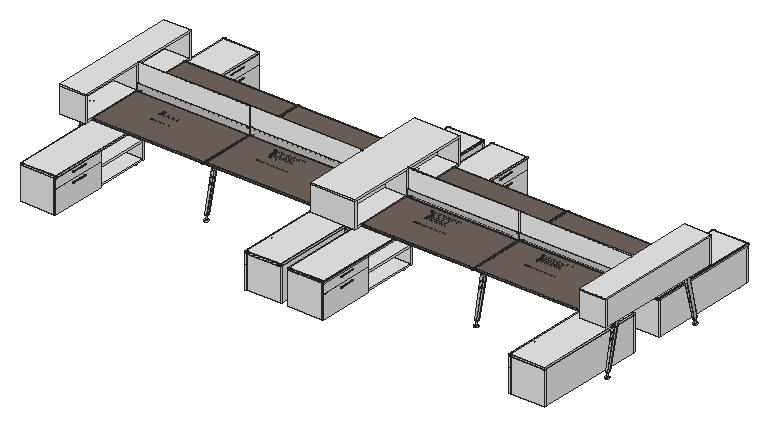
Revit family "T200005", category Furniture, Revit 2015 (continued)
Definition of nested family "OFS_ELEVEN-WORKSPACE_BASES_BENCHING_8-PERSON"
  Automatic sketch dimensions
    Extrusion 87 sketch curve to Extrusion 87 sketch curve = 0.00061"
    Extrusion 87 sketch curve to Extrusion 87 sketch curve = 0.11241"  (x2)
    Extrusion 87 sketch curve to Extrusion 87 sketch curve = 0.23622"
    Extrusion 88 sketch curve to plane 18 = 0"
    Extrusion 88 sketch curve to plane 6 "BASE HEIGHT" = 0"
    Extrusion 88 sketch curve to plane 19 = 0"
    plane 18 to Extrusion 88 sketch curve = 0.06818"  (x2)
    Extrusion 88 sketch curve to Extrusion 88 sketch curve = 0.07831"
    Extrusion 88 sketch curve to Extrusion 88 sketch curve = 0.08215"
    Extrusion 88 sketch curve to Extrusion 88 sketch curve = 0.06491"  (x2)
    Extrusion 88 sketch curve to Extrusion 88 sketch curve = 0.07203"  (x2)
    Extrusion 88 sketch curve to Extrusion 88 sketch curve = 0.10542"  (x2)
    Extrusion 88 sketch curve to Extrusion 88 sketch curve = 0.10901"  (x2)
    Extrusion 88 sketch curve to Extrusion 88 sketch curve = 0.19602"
    Extrusion 88 sketch curve to Extrusion 88 sketch curve = 0.19218"
    Extrusion 88 sketch curve to plane 19 = 0.34288"  (x2)
    Extrusion 88 sketch curve to Extrusion 88 sketch curve = 0.32462"
    Extrusion 88 sketch curve to plane 19 = 0.32432"
    Extrusion 88 sketch curve to plane 19 = 0.06856"  (x2)
    Extrusion 88 sketch curve to plane 6 "BASE HEIGHT" = 0.23622"  (x2)
    Extrusion 88 sketch curve to Extrusion 88 sketch curve = 0.11809"
    Extrusion 88 sketch curve to Extrusion 88 sketch curve = 0.11811"  (x2)
    Extrusion 88 sketch curve to Extrusion 88 sketch curve = 0.11874"
    Extrusion 88 sketch curve to Extrusion 88 sketch curve = 1.25499"
    Extrusion 88 sketch curve to Extrusion 88 sketch curve = 0"  (x2)
    Extrusion 88 sketch curve to Extrusion 88 sketch curve = 0.00061"
    Extrusion 88 sketch curve to Extrusion 88 sketch curve = 0.1118"
    Extrusion 88 sketch curve to Extrusion 88 sketch curve = 0.11241"
    Extrusion 88 sketch curve to Extrusion 88 sketch curve = 0.23622"
    plane 19 to Masking region 40 sketch curve = 0"
    Masking region 40 sketch curve to plane 23 = 0"
    plane 18 to Masking region 40 sketch curve = 0"
    Masking region 40 sketch curve to plane 34 = 0"
    Masking region 41 sketch curve to plane 22 = 0"
    Masking region 41 sketch curve to plane 21 = 0"
    Masking region 41 sketch curve to plane 23 = 0"
    Masking region 41 sketch curve to plane 34 = 0"
    Extrusion 89 sketch curve to plane 6 "BASE HEIGHT" = 0"  (x2)
    plane 34 to Extrusion 89 sketch curve = 0"
    Extrusion 89 sketch curve to plane 33 = 0"
    Extrusion 89 sketch curve to plane 34 = 0.12991"  (x2)
    Extrusion 89 sketch curve to plane 34 = 0.1482"  (x2)
    Extrusion 89 sketch curve to Extrusion 89 sketch curve = 0.10572"  (x2)
    Extrusion 89 sketch curve to Extrusion 89 sketch curve = 0.10902"  (x2)
    Extrusion 89 sketch curve to Extrusion 89 sketch curve = 0.06821"  (x5)
    Extrusion 89 sketch curve to Extrusion 89 sketch curve = 0.06491"  (x2)
    Extrusion 89 sketch curve to Extrusion 89 sketch curve = 0.08212"  (x4)
    Extrusion 89 sketch curve to plane 33 = 0.47246"
    Extrusion 89 sketch curve to Extrusion 89 sketch curve = 0.12991"  (x2)
    Extrusion 89 sketch curve to plane 6 "BASE HEIGHT" = 0.23622"  (x2)
    Extrusion 89 sketch curve to Extrusion 89 sketch curve = 0.11241"  (x4)
    Extrusion 89 sketch curve to Extrusion 89 sketch curve = 1.25499"
    Extrusion 89 sketch curve to Extrusion 89 sketch curve = 0"
    Extrusion 89 sketch curve to Extrusion 89 sketch curve = 0.0057"  (x2)
    Extrusion 89 sketch curve to Extrusion 89 sketch curve = 0.11811"  (x2)
    Extrusion 89 sketch curve to Extrusion 89 sketch curve = 0.23622"
    Extrusion 89 sketch curve to Extrusion 89 sketch curve = 0.34863"
    Extrusion 90 sketch curve to plane 6 "BASE HEIGHT" = 0"  (x2)
    plane 38 to Extrusion 90 sketch curve = 0.98586"
    Extrusion 90 sketch curve to Extrusion 90 sketch curve = 0.12991"  (x3)
    Extrusion 90 sketch curve to Extrusion 90 sketch curve = 0.01829"  (x2)
    Extrusion 90 sketch curve to plane 6 "BASE HEIGHT" = 0.34863"  (x2)
    Extrusion 90 sketch curve to Extrusion 90 sketch curve = 0.10572"  (x2)
    Extrusion 90 sketch curve to Extrusion 90 sketch curve = 0.10902"  (x2)
    Extrusion 90 sketch curve to Extrusion 90 sketch curve = 0.06821"  (x5)
    Extrusion 90 sketch curve to Extrusion 90 sketch curve = 0.06491"  (x2)
    Extrusion 90 sketch curve to Extrusion 90 sketch curve = 0.08212"  (x4)
    Extrusion 90 sketch curve to plane 38 = 0.5134"
    Extrusion 90 sketch curve to plane 6 "BASE HEIGHT" = 0.23622"
    Extrusion 90 sketch curve to Extrusion 90 sketch curve = 0.19221"  (x2)
    Extrusion 90 sketch curve to Extrusion 90 sketch curve = 0.11241"  (x2)
    Extrusion 90 sketch curve to Extrusion 90 sketch curve = 1.25499"
    Extrusion 90 sketch curve to Extrusion 90 sketch curve = 0"  (x2)
    Extrusion 90 sketch curve to Extrusion 90 sketch curve = 0.0057"  (x2)
    Extrusion 90 sketch curve to Extrusion 90 sketch curve = 0.11811"  (x2)
    Extrusion 90 sketch curve to Extrusion 90 sketch curve = 0.23622"
    Extrusion 90 sketch curve to Extrusion 90 sketch curve = 0.34863"
    Extrusion 91 sketch curve to plane 6 "BASE HEIGHT" = 0"
    Extrusion 91 sketch curve to plane 38 = 0.85595"  (x2)
    Extrusion 91 sketch curve to Extrusion 91 sketch curve = 0.01829"  (x2)
    Extrusion 91 sketch curve to Extrusion 91 sketch curve = 0.10572"  (x2)
    Extrusion 91 sketch curve to Extrusion 91 sketch curve = 0.10902"  (x2)
    Extrusion 91 sketch curve to Extrusion 91 sketch curve = 0.06491"  (x2)
    Extrusion 91 sketch curve to Extrusion 91 sketch curve = 0.06821"  (x5)
    Extrusion 91 sketch curve to Extrusion 91 sketch curve = 0.08212"  (x4)
    plane 38 to Extrusion 91 sketch curve = 0.5134"
    plane 6 "BASE HEIGHT" to Extrusion 91 sketch curve = 0.23622"
    Extrusion 91 sketch curve to Extrusion 91 sketch curve = 0.19221"  (x2)
    Extrusion 91 sketch curve to Extrusion 91 sketch curve = 0.11241"  (x5)
    plane 6 "BASE HEIGHT" to Extrusion 91 sketch curve = 0.34863"
    Extrusion 91 sketch curve to Extrusion 91 sketch curve = 0"  (x2)
    Extrusion 91 sketch curve to Extrusion 91 sketch curve = 1.25499"
    Extrusion 91 sketch curve to Extrusion 91 sketch curve = 0.0057"  (x2)
    Extrusion 91 sketch curve to Extrusion 91 sketch curve = 0.23622"
    Extrusion 92 sketch curve to plane 6 "BASE HEIGHT" = 0"
    Extrusion 92 sketch curve to plane 22 = 0"  (x2)
    Extrusion 92 sketch curve to plane 22 = 0.06856"  (x2)
    Extrusion 92 sketch curve to Extrusion 92 sketch curve = 0.07831"  (x2)
    Extrusion 92 sketch curve to Extrusion 92 sketch curve = 0.07203"  (x2)
    Extrusion 92 sketch curve to Extrusion 92 sketch curve = 0.10542"  (x2)
    Extrusion 92 sketch curve to Extrusion 92 sketch curve = 0.19602"  (x2)
    plane 22 to Extrusion 92 sketch curve = 0.2436"
    Extrusion 92 sketch curve to Extrusion 92 sketch curve = 0.2436"
    Extrusion 92 sketch curve to plane 6 "BASE HEIGHT" = 0.23622"
    Extrusion 92 sketch curve to Extrusion 92 sketch curve = 0.11811"
    Extrusion 92 sketch curve to Extrusion 92 sketch curve = 0.11874"  (x2)
    Extrusion 92 sketch curve to Extrusion 92 sketch curve = 1.24804"
    Extrusion 92 sketch curve to Extrusion 92 sketch curve = 0.00063"
    Extrusion 92 sketch curve to Extrusion 92 sketch curve = 0.23622"
    Extrusion 93 sketch curve to plane 6 "BASE HEIGHT" = 0"
    Extrusion 93 sketch curve to plane 19 = 0"  (x2)
    Extrusion 93 sketch curve to plane 19 = 0.06856"  (x2)
    Extrusion 93 sketch curve to Extrusion 93 sketch curve = 0.07831"  (x2)
    Extrusion 93 sketch curve to Extrusion 93 sketch curve = 0.07203"  (x2)
    Extrusion 93 sketch curve to Extrusion 93 sketch curve = 0.10542"  (x2)
    Extrusion 93 sketch curve to Extrusion 93 sketch curve = 0.19602"  (x2)
    plane 19 to Extrusion 93 sketch curve = 0.2436"
    Extrusion 93 sketch curve to Extrusion 93 sketch curve = 0.2436"
    Extrusion 93 sketch curve to plane 6 "BASE HEIGHT" = 0.23622"
    Extrusion 93 sketch curve to Extrusion 93 sketch curve = 0.11811"
    Extrusion 93 sketch curve to Extrusion 93 sketch curve = 0.11874"  (x2)
    Extrusion 93 sketch curve to Extrusion 93 sketch curve = 1.24804"
    Extrusion 93 sketch curve to Extrusion 93 sketch curve = 0.00063"
    Extrusion 93 sketch curve to Extrusion 93 sketch curve = 0.23622"
    Extrusion 94 sketch curve to plane 6 "BASE HEIGHT" = 0"
    plane 38 to Extrusion 94 sketch curve = 0.85595"  (x2)
    Extrusion 94 sketch curve to Extrusion 94 sketch curve = 0.01829"  (x2)
    Extrusion 94 sketch curve to Extrusion 94 sketch curve = 0.10572"  (x2)
    Extrusion 94 sketch curve to Extrusion 94 sketch curve = 0.10902"  (x2)
    Extrusion 94 sketch curve to Extrusion 94 sketch curve = 0.06491"  (x2)
    Extrusion 94 sketch curve to Extrusion 94 sketch curve = 0.06821"  (x5)
    Extrusion 94 sketch curve to Extrusion 94 sketch curve = 0.08212"  (x4)
    Extrusion 94 sketch curve to plane 38 = 0.5134"
    Extrusion 94 sketch curve to plane 6 "BASE HEIGHT" = 0.23622"
    Extrusion 94 sketch curve to Extrusion 94 sketch curve = 0.19221"  (x2)
    Extrusion 94 sketch curve to Extrusion 94 sketch curve = 0.11241"  (x5)
    Extrusion 94 sketch curve to plane 6 "BASE HEIGHT" = 0.34863"
    Extrusion 94 sketch curve to Extrusion 94 sketch curve = 0"  (x2)
    Extrusion 94 sketch curve to Extrusion 94 sketch curve = 1.25499"
    Extrusion 94 sketch curve to Extrusion 94 sketch curve = 0.0057"  (x2)
    Extrusion 94 sketch curve to Extrusion 94 sketch curve = 0.23622"
    Extrusion 95 sketch curve to plane 6 "BASE HEIGHT" = 0"
    Extrusion 95 sketch curve to plane 38 = 0.85595"  (x2)
    Extrusion 95 sketch curve to Extrusion 95 sketch curve = 0.01829"  (x2)
    Extrusion 95 sketch curve to Extrusion 95 sketch curve = 0.10572"  (x2)
    Extrusion 95 sketch curve to Extrusion 95 sketch curve = 0.10902"  (x2)
    Extrusion 95 sketch curve to Extrusion 95 sketch curve = 0.06491"  (x2)
    Extrusion 95 sketch curve to Extrusion 95 sketch curve = 0.06821"  (x5)
    Extrusion 95 sketch curve to Extrusion 95 sketch curve = 0.08212"  (x4)
    plane 38 to Extrusion 95 sketch curve = 0.5134"
    Extrusion 95 sketch curve to plane 6 "BASE HEIGHT" = 0.23622"  (x2)
    Extrusion 95 sketch curve to Extrusion 95 sketch curve = 0.19221"  (x2)
    Extrusion 95 sketch curve to Extrusion 95 sketch curve = 0.11241"  (x5)
    Extrusion 95 sketch curve to Extrusion 95 sketch curve = 1.25499"
    Extrusion 95 sketch curve to Extrusion 95 sketch curve = 0"
    Extrusion 95 sketch curve to Extrusion 95 sketch curve = 0.0057"  (x2)
    Extrusion 95 sketch curve to Extrusion 95 sketch curve = 0.11811"
    Extrusion 95 sketch curve to Extrusion 95 sketch curve = 0.23622"
    plane 1 "Center Front/Back" to Extrusion 96 sketch curve = 0.59"
    plane 1 "Center Front/Back" to Extrusion 96 sketch curve = 0.31"
    Extrusion 96 sketch curve to Extrusion 96 sketch curve = 0.28"  (x2)
    Extrusion 96 sketch curve to plane 1 "Center Front/Back" = 0.31"  (x2)
    Extrusion 96 sketch curve to plane 38 = 0.825"
    plane 38 to Extrusion 96 sketch curve = 0.545"
    plane 1 "Center Front/Back" to Extrusion 97 sketch curve = 0.345"
    plane 1 "Center Front/Back" to Extrusion 97 sketch curve = 0.065"  (x2)
    Extrusion 97 sketch curve to plane 1 "Center Front/Back" = 0.065"  (x2)
    Extrusion 97 sketch curve to Extrusion 97 sketch curve = 0.28"
    Extrusion 97 sketch curve to plane 38 = 1.18"
    plane 38 to Extrusion 97 sketch curve = 0.90339"
    plane 19 to Masking region 42 sketch curve = 0"
    Masking region 42 sketch curve to plane 22 = 0"
    plane 38 to Masking region 42 sketch curve = 0.98586"
    Masking region 42 sketch curve to plane 38 = 0.98586"
    Extrusion 98 sketch curve to plane 6 "BASE HEIGHT" = 0"  (x2)
    plane 40 to Extrusion 98 sketch curve = 0.98586"
    Extrusion 98 sketch curve to Extrusion 98 sketch curve = 0.12991"  (x3)
    Extrusion 98 sketch curve to Extrusion 98 sketch curve = 0.01829"  (x2)
    Extrusion 98 sketch curve to plane 6 "BASE HEIGHT" = 0.34863"  (x2)
    Extrusion 98 sketch curve to Extrusion 98 sketch curve = 0.10572"  (x2)
    Extrusion 98 sketch curve to Extrusion 98 sketch curve = 0.10902"  (x2)
    Extrusion 98 sketch curve to Extrusion 98 sketch curve = 0.06821"  (x5)
    Extrusion 98 sketch curve to Extrusion 98 sketch curve = 0.06491"  (x2)
    Extrusion 98 sketch curve to Extrusion 98 sketch curve = 0.08212"  (x4)
    Extrusion 98 sketch curve to plane 40 = 0.5134"
    Extrusion 98 sketch curve to plane 6 "BASE HEIGHT" = 0.23622"
    Extrusion 98 sketch curve to Extrusion 98 sketch curve = 0.19221"  (x2)
    Extrusion 98 sketch curve to Extrusion 98 sketch curve = 0.11241"  (x2)
    Extrusion 98 sketch curve to Extrusion 98 sketch curve = 1.25499"
    Extrusion 98 sketch curve to Extrusion 98 sketch curve = 0"  (x2)
    Extrusion 98 sketch curve to Extrusion 98 sketch curve = 0.0057"  (x2)
    Extrusion 98 sketch curve to Extrusion 98 sketch curve = 0.11811"  (x2)
    Extrusion 98 sketch curve to Extrusion 98 sketch curve = 0.23622"
    Extrusion 98 sketch curve to Extrusion 98 sketch curve = 0.34863"
    Extrusion 99 sketch curve to plane 6 "BASE HEIGHT" = 0"
    Extrusion 99 sketch curve to plane 40 = 0.85595"  (x2)
    Extrusion 99 sketch curve to Extrusion 99 sketch curve = 0.01829"  (x2)
    Extrusion 99 sketch curve to Extrusion 99 sketch curve = 0.10572"  (x2)
    Extrusion 99 sketch curve to Extrusion 99 sketch curve = 0.10902"  (x2)
    Extrusion 99 sketch curve to Extrusion 99 sketch curve = 0.06491"  (x2)
    Extrusion 99 sketch curve to Extrusion 99 sketch curve = 0.06821"  (x5)
    Extrusion 99 sketch curve to Extrusion 99 sketch curve = 0.08212"  (x4)
    plane 40 to Extrusion 99 sketch curve = 0.5134"
    plane 6 "BASE HEIGHT" to Extrusion 99 sketch curve = 0.23622"
    Extrusion 99 sketch curve to Extrusion 99 sketch curve = 0.19221"  (x2)
    Extrusion 99 sketch curve to Extrusion 99 sketch curve = 0.11241"  (x5)
    plane 6 "BASE HEIGHT" to Extrusion 99 sketch curve = 0.34863"
    Extrusion 99 sketch curve to Extrusion 99 sketch curve = 0"  (x2)
    Extrusion 99 sketch curve to Extrusion 99 sketch curve = 1.25499"
    Extrusion 99 sketch curve to Extrusion 99 sketch curve = 0.0057"  (x2)
    Extrusion 99 sketch curve to Extrusion 99 sketch curve = 0.23622"
    Extrusion 100 sketch curve to plane 6 "BASE HEIGHT" = 0"
    Extrusion 100 sketch curve to plane 22 = 0"  (x2)
    Extrusion 100 sketch curve to plane 22 = 0.06856"  (x2)
    Extrusion 100 sketch curve to Extrusion 100 sketch curve = 0.07831"  (x2)
    Extrusion 100 sketch curve to Extrusion 100 sketch curve = 0.07203"  (x2)
    Extrusion 100 sketch curve to Extrusion 100 sketch curve = 0.10542"  (x2)
    Extrusion 100 sketch curve to Extrusion 100 sketch curve = 0.19602"  (x2)
    plane 22 to Extrusion 100 sketch curve = 0.2436"
    Extrusion 100 sketch curve to Extrusion 100 sketch curve = 0.2436"
    Extrusion 100 sketch curve to plane 6 "BASE HEIGHT" = 0.23622"
    Extrusion 100 sketch curve to Extrusion 100 sketch curve = 0.11811"
    Extrusion 100 sketch curve to Extrusion 100 sketch curve = 0.11874"  (x2)
    Extrusion 100 sketch curve to Extrusion 100 sketch curve = 1.24804"
    Extrusion 100 sketch curve to Extrusion 100 sketch curve = 0.00063"
    Extrusion 100 sketch curve to Extrusion 100 sketch curve = 0.23622"
    Extrusion 101 sketch curve to plane 6 "BASE HEIGHT" = 0"
    Extrusion 101 sketch curve to plane 19 = 0"  (x2)
    Extrusion 101 sketch curve to plane 19 = 0.06856"  (x2)
    Extrusion 101 sketch curve to Extrusion 101 sketch curve = 0.07831"  (x2)
    Extrusion 101 sketch curve to Extrusion 101 sketch curve = 0.07203"  (x2)
    Extrusion 101 sketch curve to Extrusion 101 sketch curve = 0.10542"  (x2)
    Extrusion 101 sketch curve to Extrusion 101 sketch curve = 0.19602"  (x2)
    plane 19 to Extrusion 101 sketch curve = 0.2436"
    Extrusion 101 sketch curve to Extrusion 101 sketch curve = 0.2436"
    Extrusion 101 sketch curve to plane 6 "BASE HEIGHT" = 0.23622"
    Extrusion 101 sketch curve to Extrusion 101 sketch curve = 0.11811"
    Extrusion 101 sketch curve to Extrusion 101 sketch curve = 0.11874"  (x2)
    Extrusion 101 sketch curve to Extrusion 101 sketch curve = 1.24804"
    Extrusion 101 sketch curve to Extrusion 101 sketch curve = 0.00063"
    Extrusion 101 sketch curve to Extrusion 101 sketch curve = 0.23622"
    Extrusion 102 sketch curve to plane 6 "BASE HEIGHT" = 0"
    plane 40 to Extrusion 102 sketch curve = 0.85595"  (x2)
    Extrusion 102 sketch curve to Extrusion 102 sketch curve = 0.01829"  (x2)
    Extrusion 102 sketch curve to Extrusion 102 sketch curve = 0.10572"  (x2)
    Extrusion 102 sketch curve to Extrusion 102 sketch curve = 0.10902"  (x2)
    Extrusion 102 sketch curve to Extrusion 102 sketch curve = 0.06491"  (x2)
    Extrusion 102 sketch curve to Extrusion 102 sketch curve = 0.06821"  (x5)
    Extrusion 102 sketch curve to Extrusion 102 sketch curve = 0.08212"  (x4)
    Extrusion 102 sketch curve to plane 40 = 0.5134"
    Extrusion 102 sketch curve to plane 6 "BASE HEIGHT" = 0.23622"
    Extrusion 102 sketch curve to Extrusion 102 sketch curve = 0.19221"  (x2)
    Extrusion 102 sketch curve to Extrusion 102 sketch curve = 0.11241"  (x5)
    Extrusion 102 sketch curve to plane 6 "BASE HEIGHT" = 0.34863"
    Extrusion 102 sketch curve to Extrusion 102 sketch curve = 0"  (x2)
    Extrusion 102 sketch curve to Extrusion 102 sketch curve = 1.25499"
    Extrusion 102 sketch curve to Extrusion 102 sketch curve = 0.0057"  (x2)
    Extrusion 102 sketch curve to Extrusion 102 sketch curve = 0.23622"
    Extrusion 103 sketch curve to plane 6 "BASE HEIGHT" = 0"
    Extrusion 103 sketch curve to plane 40 = 0.85595"  (x2)
    Extrusion 103 sketch curve to Extrusion 103 sketch curve = 0.01829"  (x2)
    Extrusion 103 sketch curve to Extrusion 103 sketch curve = 0.10572"  (x2)
    Extrusion 103 sketch curve to Extrusion 103 sketch curve = 0.10902"  (x2)
    Extrusion 103 sketch curve to Extrusion 103 sketch curve = 0.06491"  (x2)
    Extrusion 103 sketch curve to Extrusion 103 sketch curve = 0.06821"  (x5)
    Extrusion 103 sketch curve to Extrusion 103 sketch curve = 0.08212"  (x4)
    plane 40 to Extrusion 103 sketch curve = 0.5134"
    Extrusion 103 sketch curve to plane 6 "BASE HEIGHT" = 0.23622"  (x2)
    Extrusion 103 sketch curve to Extrusion 103 sketch curve = 0.19221"  (x2)
    Extrusion 103 sketch curve to Extrusion 103 sketch curve = 0.11241"  (x5)
    Extrusion 103 sketch curve to Extrusion 103 sketch curve = 1.25499"
    Extrusion 103 sketch curve to Extrusion 103 sketch curve = 0"
    Extrusion 103 sketch curve to Extrusion 103 sketch curve = 0.0057"  (x2)
    Extrusion 103 sketch curve to Extrusion 103 sketch curve = 0.11811"
    Extrusion 103 sketch curve to Extrusion 103 sketch curve = 0.23622"
    plane 1 "Center Front/Back" to Extrusion 104 sketch curve = 0.59"
    plane 1 "Center Front/Back" to Extrusion 104 sketch curve = 0.31"
    Extrusion 104 sketch curve to Extrusion 104 sketch curve = 0.28"  (x2)
    Extrusion 104 sketch curve to plane 1 "Center Front/Back" = 0.31"  (x2)
    Extrusion 104 sketch curve to plane 40 = 0.825"
    plane 40 to Extrusion 104 sketch curve = 0.545"
    plane 1 "Center Front/Back" to Extrusion 105 sketch curve = 0.345"
    plane 1 "Center Front/Back" to Extrusion 105 sketch curve = 0.065"  (x2)
    Extrusion 105 sketch curve to plane 1 "Center Front/Back" = 0.065"  (x2)
    Extrusion 105 sketch curve to Extrusion 105 sketch curve = 0.28"
    Extrusion 105 sketch curve to plane 40 = 1.18"
    plane 40 to Extrusion 105 sketch curve = 0.90339"
    plane 19 to Masking region 43 sketch curve = 0"
    Masking region 43 sketch curve to plane 22 = 0"
    plane 40 to Masking region 43 sketch curve = 0.98586"
    Masking region 43 sketch curve to plane 40 = 0.98586"
    Extrusion 106 sketch curve to plane 6 "BASE HEIGHT" = 0"  (x2)
    plane 39 to Extrusion 106 sketch curve = 0.98586"
    Extrusion 106 sketch curve to Extrusion 106 sketch curve = 0.12991"  (x3)
    Extrusion 106 sketch curve to Extrusion 106 sketch curve = 0.01829"  (x2)
    Extrusion 106 sketch curve to plane 6 "BASE HEIGHT" = 0.34863"  (x2)
    Extrusion 106 sketch curve to Extrusion 106 sketch curve = 0.10572"  (x2)
    Extrusion 106 sketch curve to Extrusion 106 sketch curve = 0.10902"  (x2)
    Extrusion 106 sketch curve to Extrusion 106 sketch curve = 0.06821"  (x5)
    Extrusion 106 sketch curve to Extrusion 106 sketch curve = 0.06491"  (x2)
    Extrusion 106 sketch curve to Extrusion 106 sketch curve = 0.08212"  (x4)
    Extrusion 106 sketch curve to plane 39 = 0.5134"
    Extrusion 106 sketch curve to plane 6 "BASE HEIGHT" = 0.23622"
    Extrusion 106 sketch curve to Extrusion 106 sketch curve = 0.19221"  (x2)
    Extrusion 106 sketch curve to Extrusion 106 sketch curve = 0.11241"  (x2)
    Extrusion 106 sketch curve to Extrusion 106 sketch curve = 1.25499"
    Extrusion 106 sketch curve to Extrusion 106 sketch curve = 0"  (x2)
    Extrusion 106 sketch curve to Extrusion 106 sketch curve = 0.0057"  (x2)
    Extrusion 106 sketch curve to Extrusion 106 sketch curve = 0.11811"  (x2)
    Extrusion 106 sketch curve to Extrusion 106 sketch curve = 0.23622"
    Extrusion 106 sketch curve to Extrusion 106 sketch curve = 0.34863"
    Extrusion 107 sketch curve to plane 6 "BASE HEIGHT" = 0"
    Extrusion 107 sketch curve to plane 39 = 0.85595"  (x2)
    Extrusion 107 sketch curve to Extrusion 107 sketch curve = 0.01829"  (x2)
    Extrusion 107 sketch curve to Extrusion 107 sketch curve = 0.10572"  (x2)
    Extrusion 107 sketch curve to Extrusion 107 sketch curve = 0.10902"  (x2)
    Extrusion 107 sketch curve to Extrusion 107 sketch curve = 0.06491"  (x2)
    Extrusion 107 sketch curve to Extrusion 107 sketch curve = 0.06821"  (x5)
    Extrusion 107 sketch curve to Extrusion 107 sketch curve = 0.08212"  (x4)
    plane 39 to Extrusion 107 sketch curve = 0.5134"
    plane 6 "BASE HEIGHT" to Extrusion 107 sketch curve = 0.23622"
    Extrusion 107 sketch curve to Extrusion 107 sketch curve = 0.19221"  (x2)
    Extrusion 107 sketch curve to Extrusion 107 sketch curve = 0.11241"  (x5)
    plane 6 "BASE HEIGHT" to Extrusion 107 sketch curve = 0.34863"
    Extrusion 107 sketch curve to Extrusion 107 sketch curve = 0"  (x2)
    Extrusion 107 sketch curve to Extrusion 107 sketch curve = 1.25499"
    Extrusion 107 sketch curve to Extrusion 107 sketch curve = 0.0057"  (x2)
    Extrusion 107 sketch curve to Extrusion 107 sketch curve = 0.23622"
    Extrusion 108 sketch curve to plane 6 "BASE HEIGHT" = 0"
    Extrusion 108 sketch curve to plane 22 = 0"  (x2)
    Extrusion 108 sketch curve to plane 22 = 0.06856"  (x2)
    Extrusion 108 sketch curve to Extrusion 108 sketch curve = 0.07831"  (x2)
    Extrusion 108 sketch curve to Extrusion 108 sketch curve = 0.07203"  (x2)
    Extrusion 108 sketch curve to Extrusion 108 sketch curve = 0.10542"  (x2)
    Extrusion 108 sketch curve to Extrusion 108 sketch curve = 0.19602"  (x2)
    plane 22 to Extrusion 108 sketch curve = 0.2436"
    Extrusion 108 sketch curve to Extrusion 108 sketch curve = 0.2436"
    Extrusion 108 sketch curve to plane 6 "BASE HEIGHT" = 0.23622"
    Extrusion 108 sketch curve to Extrusion 108 sketch curve = 0.11811"
    Extrusion 108 sketch curve to Extrusion 108 sketch curve = 0.11874"  (x2)
    Extrusion 108 sketch curve to Extrusion 108 sketch curve = 1.24804"
    Extrusion 108 sketch curve to Extrusion 108 sketch curve = 0.00063"
    Extrusion 108 sketch curve to Extrusion 108 sketch curve = 0.23622"
    Extrusion 109 sketch curve to plane 6 "BASE HEIGHT" = 0"
    Extrusion 109 sketch curve to plane 19 = 0"  (x2)
    Extrusion 109 sketch curve to plane 19 = 0.06856"  (x2)
    Extrusion 109 sketch curve to Extrusion 109 sketch curve = 0.07831"  (x2)
    Extrusion 109 sketch curve to Extrusion 109 sketch curve = 0.07203"  (x2)
    Extrusion 109 sketch curve to Extrusion 109 sketch curve = 0.10542"  (x2)
    Extrusion 109 sketch curve to Extrusion 109 sketch curve = 0.19602"  (x2)
    plane 19 to Extrusion 109 sketch curve = 0.2436"
    Extrusion 109 sketch curve to Extrusion 109 sketch curve = 0.2436"
    Extrusion 109 sketch curve to plane 6 "BASE HEIGHT" = 0.23622"
    Extrusion 109 sketch curve to Extrusion 109 sketch curve = 0.11811"
    Extrusion 109 sketch curve to Extrusion 109 sketch curve = 0.11874"  (x2)
    Extrusion 109 sketch curve to Extrusion 109 sketch curve = 1.24804"
    Extrusion 109 sketch curve to Extrusion 109 sketch curve = 0.00063"
    Extrusion 109 sketch curve to Extrusion 109 sketch curve = 0.23622"
    Extrusion 110 sketch curve to plane 6 "BASE HEIGHT" = 0"
    plane 39 to Extrusion 110 sketch curve = 0.85595"  (x2)
    Extrusion 110 sketch curve to Extrusion 110 sketch curve = 0.01829"  (x2)
    Extrusion 110 sketch curve to Extrusion 110 sketch curve = 0.10572"  (x2)
    Extrusion 110 sketch curve to Extrusion 110 sketch curve = 0.10902"  (x2)
    Extrusion 110 sketch curve to Extrusion 110 sketch curve = 0.06491"  (x2)
    Extrusion 110 sketch curve to Extrusion 110 sketch curve = 0.06821"  (x5)
    Extrusion 110 sketch curve to Extrusion 110 sketch curve = 0.08212"  (x4)
    Extrusion 110 sketch curve to plane 39 = 0.5134"
    Extrusion 110 sketch curve to plane 6 "BASE HEIGHT" = 0.23622"
    Extrusion 110 sketch curve to Extrusion 110 sketch curve = 0.19221"  (x2)
    Extrusion 110 sketch curve to Extrusion 110 sketch curve = 0.11241"  (x5)
    Extrusion 110 sketch curve to plane 6 "BASE HEIGHT" = 0.34863"
    Extrusion 110 sketch curve to Extrusion 110 sketch curve = 0"  (x2)
    Extrusion 110 sketch curve to Extrusion 110 sketch curve = 1.25499"
    Extrusion 110 sketch curve to Extrusion 110 sketch curve = 0.0057"  (x2)
    Extrusion 110 sketch curve to Extrusion 110 sketch curve = 0.23622"
    Extrusion 111 sketch curve to plane 6 "BASE HEIGHT" = 0"
    Extrusion 111 sketch curve to plane 39 = 0.85595"  (x2)
    Extrusion 111 sketch curve to Extrusion 111 sketch curve = 0.01829"  (x2)
    Extrusion 111 sketch curve to Extrusion 111 sketch curve = 0.10572"  (x2)
    Extrusion 111 sketch curve to Extrusion 111 sketch curve = 0.10902"  (x2)
    Extrusion 111 sketch curve to Extrusion 111 sketch curve = 0.06491"  (x2)
    Extrusion 111 sketch curve to Extrusion 111 sketch curve = 0.06821"  (x5)
    Extrusion 111 sketch curve to Extrusion 111 sketch curve = 0.08212"  (x4)
    plane 39 to Extrusion 111 sketch curve = 0.5134"
    Extrusion 111 sketch curve to plane 6 "BASE HEIGHT" = 0.23622"  (x2)
    Extrusion 111 sketch curve to Extrusion 111 sketch curve = 0.19221"  (x2)
    Extrusion 111 sketch curve to Extrusion 111 sketch curve = 0.11241"  (x5)
    Extrusion 111 sketch curve to Extrusion 111 sketch curve = 1.25499"
    Extrusion 111 sketch curve to Extrusion 111 sketch curve = 0"
    Extrusion 111 sketch curve to Extrusion 111 sketch curve = 0.0057"  (x2)
    Extrusion 111 sketch curve to Extrusion 111 sketch curve = 0.11811"
    Extrusion 111 sketch curve to Extrusion 111 sketch curve = 0.23622"
    plane 1 "Center Front/Back" to Extrusion 112 sketch curve = 0.59"
    plane 1 "Center Front/Back" to Extrusion 112 sketch curve = 0.31"
    Extrusion 112 sketch curve to Extrusion 112 sketch curve = 0.28"  (x2)
    Extrusion 112 sketch curve to plane 1 "Center Front/Back" = 0.31"  (x2)
    Extrusion 112 sketch curve to plane 39 = 0.825"
    plane 39 to Extrusion 112 sketch curve = 0.545"
    plane 1 "Center Front/Back" to Extrusion 113 sketch curve = 0.345"
    plane 1 "Center Front/Back" to Extrusion 113 sketch curve = 0.065"  (x2)
    Extrusion 113 sketch curve to plane 1 "Center Front/Back" = 0.065"  (x2)
    Extrusion 113 sketch curve to Extrusion 113 sketch curve = 0.28"
    Extrusion 113 sketch curve to plane 39 = 1.18"
    plane 39 to Extrusion 113 sketch curve = 0.90339"
    plane 19 to Masking region 44 sketch curve = 0"
    Masking region 44 sketch curve to plane 22 = 0"
    plane 39 to Masking region 44 sketch curve = 0.98586"
    Masking region 44 sketch curve to plane 39 = 0.98586"
    Extrusion 114 sketch curve to plane 6 "BASE HEIGHT" = 0"  (x2)
    plane 35 to Extrusion 114 sketch curve = 0.98586"
    Extrusion 114 sketch curve to Extrusion 114 sketch curve = 0.12991"  (x3)
    Extrusion 114 sketch curve to Extrusion 114 sketch curve = 0.01829"  (x2)
    Extrusion 114 sketch curve to plane 6 "BASE HEIGHT" = 0.34863"  (x2)
    Extrusion 114 sketch curve to Extrusion 114 sketch curve = 0.10572"  (x2)
    Extrusion 114 sketch curve to Extrusion 114 sketch curve = 0.10902"  (x2)
    Extrusion 114 sketch curve to Extrusion 114 sketch curve = 0.06821"  (x5)
    Extrusion 114 sketch curve to Extrusion 114 sketch curve = 0.06491"  (x2)
    Extrusion 114 sketch curve to Extrusion 114 sketch curve = 0.08212"  (x4)
    Extrusion 114 sketch curve to plane 35 = 0.5134"
    Extrusion 114 sketch curve to plane 6 "BASE HEIGHT" = 0.23622"
    Extrusion 114 sketch curve to Extrusion 114 sketch curve = 0.19221"  (x2)
    Extrusion 114 sketch curve to Extrusion 114 sketch curve = 0.11241"  (x2)
    Extrusion 114 sketch curve to Extrusion 114 sketch curve = 1.25499"
    Extrusion 114 sketch curve to Extrusion 114 sketch curve = 0"  (x2)
    Extrusion 114 sketch curve to Extrusion 114 sketch curve = 0.0057"  (x2)
    Extrusion 114 sketch curve to Extrusion 114 sketch curve = 0.11811"  (x2)
    Extrusion 114 sketch curve to Extrusion 114 sketch curve = 0.23622"
    Extrusion 114 sketch curve to Extrusion 114 sketch curve = 0.34863"
    Extrusion 115 sketch curve to plane 6 "BASE HEIGHT" = 0"
    Extrusion 115 sketch curve to plane 35 = 0.85595"  (x2)
    Extrusion 115 sketch curve to Extrusion 115 sketch curve = 0.01829"  (x2)
    Extrusion 115 sketch curve to Extrusion 115 sketch curve = 0.10572"  (x2)
    Extrusion 115 sketch curve to Extrusion 115 sketch curve = 0.10902"  (x2)
    Extrusion 115 sketch curve to Extrusion 115 sketch curve = 0.06491"  (x2)
    Extrusion 115 sketch curve to Extrusion 115 sketch curve = 0.06821"  (x5)
    Extrusion 115 sketch curve to Extrusion 115 sketch curve = 0.08212"  (x4)
    plane 35 to Extrusion 115 sketch curve = 0.5134"
    plane 6 "BASE HEIGHT" to Extrusion 115 sketch curve = 0.23622"
    Extrusion 115 sketch curve to Extrusion 115 sketch curve = 0.19221"  (x2)
    Extrusion 115 sketch curve to Extrusion 115 sketch curve = 0.11241"  (x5)
    plane 6 "BASE HEIGHT" to Extrusion 115 sketch curve = 0.34863"
    Extrusion 115 sketch curve to Extrusion 115 sketch curve = 0"  (x2)
    Extrusion 115 sketch curve to Extrusion 115 sketch curve = 1.25499"
    Extrusion 115 sketch curve to Extrusion 115 sketch curve = 0.0057"  (x2)
    Extrusion 115 sketch curve to Extrusion 115 sketch curve = 0.23622"
    Extrusion 116 sketch curve to plane 6 "BASE HEIGHT" = 0"
    Extrusion 116 sketch curve to plane 22 = 0"  (x2)
    Extrusion 116 sketch curve to plane 22 = 0.06856"  (x2)
    Extrusion 116 sketch curve to Extrusion 116 sketch curve = 0.07831"  (x2)
    Extrusion 116 sketch curve to Extrusion 116 sketch curve = 0.07203"  (x2)
    Extrusion 116 sketch curve to Extrusion 116 sketch curve = 0.10542"  (x2)
    Extrusion 116 sketch curve to Extrusion 116 sketch curve = 0.19602"  (x2)
    plane 22 to Extrusion 116 sketch curve = 0.2436"
    Extrusion 116 sketch curve to Extrusion 116 sketch curve = 0.2436"
    Extrusion 116 sketch curve to plane 6 "BASE HEIGHT" = 0.23622"
    Extrusion 116 sketch curve to Extrusion 116 sketch curve = 0.11811"
    Extrusion 116 sketch curve to Extrusion 116 sketch curve = 0.11874"  (x2)
    Extrusion 116 sketch curve to Extrusion 116 sketch curve = 1.24804"
    Extrusion 116 sketch curve to Extrusion 116 sketch curve = 0.00063"
    Extrusion 116 sketch curve to Extrusion 116 sketch curve = 0.23622"
    Extrusion 117 sketch curve to plane 6 "BASE HEIGHT" = 0"
    Extrusion 117 sketch curve to plane 19 = 0"  (x2)
    Extrusion 117 sketch curve to plane 19 = 0.06856"  (x2)
    Extrusion 117 sketch curve to Extrusion 117 sketch curve = 0.07831"  (x2)
    Extrusion 117 sketch curve to Extrusion 117 sketch curve = 0.07203"  (x2)
    Extrusion 117 sketch curve to Extrusion 117 sketch curve = 0.10542"  (x2)
    Extrusion 117 sketch curve to Extrusion 117 sketch curve = 0.19602"  (x2)
    plane 19 to Extrusion 117 sketch curve = 0.2436"
    Extrusion 117 sketch curve to Extrusion 117 sketch curve = 0.2436"
    Extrusion 117 sketch curve to plane 6 "BASE HEIGHT" = 0.23622"
    Extrusion 117 sketch curve to Extrusion 117 sketch curve = 0.11811"
    Extrusion 117 sketch curve to Extrusion 117 sketch curve = 0.11874"  (x2)
    Extrusion 117 sketch curve to Extrusion 117 sketch curve = 1.24804"
    Extrusion 117 sketch curve to Extrusion 117 sketch curve = 0.00063"
    Extrusion 117 sketch curve to Extrusion 117 sketch curve = 0.23622"
    Extrusion 118 sketch curve to plane 6 "BASE HEIGHT" = 0"
    plane 35 to Extrusion 118 sketch curve = 0.85595"  (x2)
    Extrusion 118 sketch curve to Extrusion 118 sketch curve = 0.01829"  (x2)
    Extrusion 118 sketch curve to Extrusion 118 sketch curve = 0.10572"  (x2)
    Extrusion 118 sketch curve to Extrusion 118 sketch curve = 0.10902"  (x2)
    Extrusion 118 sketch curve to Extrusion 118 sketch curve = 0.06491"  (x2)
    Extrusion 118 sketch curve to Extrusion 118 sketch curve = 0.06821"  (x5)
    Extrusion 118 sketch curve to Extrusion 118 sketch curve = 0.08212"  (x4)
    Extrusion 118 sketch curve to plane 35 = 0.5134"
    Extrusion 118 sketch curve to plane 6 "BASE HEIGHT" = 0.23622"
    Extrusion 118 sketch curve to Extrusion 118 sketch curve = 0.19221"  (x2)
    Extrusion 118 sketch curve to Extrusion 118 sketch curve = 0.11241"  (x5)
    Extrusion 118 sketch curve to plane 6 "BASE HEIGHT" = 0.34863"
    Extrusion 118 sketch curve to Extrusion 118 sketch curve = 0"  (x2)
    Extrusion 118 sketch curve to Extrusion 118 sketch curve = 1.25499"
    Extrusion 118 sketch curve to Extrusion 118 sketch curve = 0.0057"  (x2)
    Extrusion 118 sketch curve to Extrusion 118 sketch curve = 0.23622"
    Extrusion 119 sketch curve to plane 6 "BASE HEIGHT" = 0"
    Extrusion 119 sketch curve to plane 35 = 0.85595"  (x2)
    Extrusion 119 sketch curve to Extrusion 119 sketch curve = 0.01829"  (x2)
    Extrusion 119 sketch curve to Extrusion 119 sketch curve = 0.10572"  (x2)
    Extrusion 119 sketch curve to Extrusion 119 sketch curve = 0.10902"  (x2)
    Extrusion 119 sketch curve to Extrusion 119 sketch curve = 0.06491"  (x2)
    Extrusion 119 sketch curve to Extrusion 119 sketch curve = 0.06821"  (x5)
    Extrusion 119 sketch curve to Extrusion 119 sketch curve = 0.08212"  (x4)
    plane 35 to Extrusion 119 sketch curve = 0.5134"
    Extrusion 119 sketch curve to plane 6 "BASE HEIGHT" = 0.23622"  (x2)
    Extrusion 119 sketch curve to Extrusion 119 sketch curve = 0.19221"  (x2)
    Extrusion 119 sketch curve to Extrusion 119 sketch curve = 0.11241"  (x5)
    Extrusion 119 sketch curve to Extrusion 119 sketch curve = 1.25499"
    Extrusion 119 sketch curve to Extrusion 119 sketch curve = 0"
    Extrusion 119 sketch curve to Extrusion 119 sketch curve = 0.0057"  (x2)
    Extrusion 119 sketch curve to Extrusion 119 sketch curve = 0.11811"
    Extrusion 119 sketch curve to Extrusion 119 sketch curve = 0.23622"
    plane 1 "Center Front/Back" to Extrusion 120 sketch curve = 0.59"
    plane 1 "Center Front/Back" to Extrusion 120 sketch curve = 0.31"
    Extrusion 120 sketch curve to Extrusion 120 sketch curve = 0.28"  (x2)
    Extrusion 120 sketch curve to plane 1 "Center Front/Back" = 0.31"  (x2)
    Extrusion 120 sketch curve to plane 35 = 0.825"
    plane 35 to Extrusion 120 sketch curve = 0.545"
    plane 1 "Center Front/Back" to Extrusion 121 sketch curve = 0.345"
    plane 1 "Center Front/Back" to Extrusion 121 sketch curve = 0.065"  (x2)
    Extrusion 121 sketch curve to plane 1 "Center Front/Back" = 0.065"  (x2)
    Extrusion 121 sketch curve to Extrusion 121 sketch curve = 0.28"
    Extrusion 121 sketch curve to plane 35 = 1.18"
    plane 35 to Extrusion 121 sketch curve = 0.90339"
    plane 19 to Masking region 45 sketch curve = 0"
    Masking region 45 sketch curve to plane 22 = 0"
    plane 35 to Masking region 45 sketch curve = 0.98586"
    Masking region 45 sketch curve to plane 35 = 0.98586"
    Extrusion 122 sketch curve to plane 6 "BASE HEIGHT" = 0"  (x2)
    plane 37 to Extrusion 122 sketch curve = 0.98586"
    Extrusion 122 sketch curve to Extrusion 122 sketch curve = 0.12991"  (x3)
    Extrusion 122 sketch curve to Extrusion 122 sketch curve = 0.01829"  (x2)
    Extrusion 122 sketch curve to plane 6 "BASE HEIGHT" = 0.34863"  (x2)
    Extrusion 122 sketch curve to Extrusion 122 sketch curve = 0.10572"  (x2)
    Extrusion 122 sketch curve to Extrusion 122 sketch curve = 0.10902"  (x2)
    Extrusion 122 sketch curve to Extrusion 122 sketch curve = 0.06821"  (x5)
    Extrusion 122 sketch curve to Extrusion 122 sketch curve = 0.06491"  (x2)
    Extrusion 122 sketch curve to Extrusion 122 sketch curve = 0.08212"  (x4)
    Extrusion 122 sketch curve to plane 37 = 0.5134"
    Extrusion 122 sketch curve to plane 6 "BASE HEIGHT" = 0.23622"
    Extrusion 122 sketch curve to Extrusion 122 sketch curve = 0.19221"  (x2)
    Extrusion 122 sketch curve to Extrusion 122 sketch curve = 0.11241"  (x2)
    Extrusion 122 sketch curve to Extrusion 122 sketch curve = 1.25499"
    Extrusion 122 sketch curve to Extrusion 122 sketch curve = 0"  (x2)
    Extrusion 122 sketch curve to Extrusion 122 sketch curve = 0.0057"  (x2)
    Extrusion 122 sketch curve to Extrusion 122 sketch curve = 0.11811"  (x2)
    Extrusion 122 sketch curve to Extrusion 122 sketch curve = 0.23622"
    Extrusion 122 sketch curve to Extrusion 122 sketch curve = 0.34863"
    Extrusion 123 sketch curve to plane 6 "BASE HEIGHT" = 0"
    Extrusion 123 sketch curve to plane 37 = 0.85595"  (x2)
    Extrusion 123 sketch curve to Extrusion 123 sketch curve = 0.01829"  (x2)
    Extrusion 123 sketch curve to Extrusion 123 sketch curve = 0.10572"  (x2)
    Extrusion 123 sketch curve to Extrusion 123 sketch curve = 0.10902"  (x2)
    Extrusion 123 sketch curve to Extrusion 123 sketch curve = 0.06491"  (x2)
    Extrusion 123 sketch curve to Extrusion 123 sketch curve = 0.06821"  (x5)
    Extrusion 123 sketch curve to Extrusion 123 sketch curve = 0.08212"  (x4)
    plane 37 to Extrusion 123 sketch curve = 0.5134"
    plane 6 "BASE HEIGHT" to Extrusion 123 sketch curve = 0.23622"
    Extrusion 123 sketch curve to Extrusion 123 sketch curve = 0.19221"  (x2)
    Extrusion 123 sketch curve to Extrusion 123 sketch curve = 0.11241"  (x5)
    plane 6 "BASE HEIGHT" to Extrusion 123 sketch curve = 0.34863"
    Extrusion 123 sketch curve to Extrusion 123 sketch curve = 0"  (x2)
    Extrusion 123 sketch curve to Extrusion 123 sketch curve = 1.25499"
    Extrusion 123 sketch curve to Extrusion 123 sketch curve = 0.0057"  (x2)
    Extrusion 123 sketch curve to Extrusion 123 sketch curve = 0.23622"
    Extrusion 124 sketch curve to plane 6 "BASE HEIGHT" = 0"
    Extrusion 124 sketch curve to plane 22 = 0"  (x2)
    Extrusion 124 sketch curve to plane 22 = 0.06856"  (x2)
    Extrusion 124 sketch curve to Extrusion 124 sketch curve = 0.07831"  (x2)
    Extrusion 124 sketch curve to Extrusion 124 sketch curve = 0.07203"  (x2)
    Extrusion 124 sketch curve to Extrusion 124 sketch curve = 0.10542"  (x2)
    Extrusion 124 sketch curve to Extrusion 124 sketch curve = 0.19602"  (x2)
    plane 22 to Extrusion 124 sketch curve = 0.2436"
    Extrusion 124 sketch curve to Extrusion 124 sketch curve = 0.2436"
    Extrusion 124 sketch curve to plane 6 "BASE HEIGHT" = 0.23622"
    Extrusion 124 sketch curve to Extrusion 124 sketch curve = 0.11811"
    Extrusion 124 sketch curve to Extrusion 124 sketch curve = 0.11874"  (x2)
    Extrusion 124 sketch curve to Extrusion 124 sketch curve = 1.24804"
    Extrusion 124 sketch curve to Extrusion 124 sketch curve = 0.00063"
    Extrusion 124 sketch curve to Extrusion 124 sketch curve = 0.23622"
    Extrusion 125 sketch curve to plane 6 "BASE HEIGHT" = 0"
    Extrusion 125 sketch curve to plane 19 = 0"  (x2)
    Extrusion 125 sketch curve to plane 19 = 0.06856"  (x2)
    Extrusion 125 sketch curve to Extrusion 125 sketch curve = 0.07831"  (x2)
    Extrusion 125 sketch curve to Extrusion 125 sketch curve = 0.07203"  (x2)
    Extrusion 125 sketch curve to Extrusion 125 sketch curve = 0.10542"  (x2)
    Extrusion 125 sketch curve to Extrusion 125 sketch curve = 0.19602"  (x2)
    plane 19 to Extrusion 125 sketch curve = 0.2436"
    Extrusion 125 sketch curve to Extrusion 125 sketch curve = 0.2436"
    Extrusion 125 sketch curve to plane 6 "BASE HEIGHT" = 0.23622"
    Extrusion 125 sketch curve to Extrusion 125 sketch curve = 0.11811"
    Extrusion 125 sketch curve to Extrusion 125 sketch curve = 0.11874"  (x2)
    Extrusion 125 sketch curve to Extrusion 125 sketch curve = 1.24804"
    Extrusion 125 sketch curve to Extrusion 125 sketch curve = 0.00063"
    Extrusion 125 sketch curve to Extrusion 125 sketch curve = 0.23622"
    Extrusion 126 sketch curve to plane 6 "BASE HEIGHT" = 0"
    plane 37 to Extrusion 126 sketch curve = 0.85595"  (x2)
    Extrusion 126 sketch curve to Extrusion 126 sketch curve = 0.01829"  (x2)
    Extrusion 126 sketch curve to Extrusion 126 sketch curve = 0.10572"  (x2)
    Extrusion 126 sketch curve to Extrusion 126 sketch curve = 0.10902"  (x2)
    Extrusion 126 sketch curve to Extrusion 126 sketch curve = 0.06491"  (x2)
    Extrusion 126 sketch curve to Extrusion 126 sketch curve = 0.06821"  (x5)
    Extrusion 126 sketch curve to Extrusion 126 sketch curve = 0.08212"  (x4)
    Extrusion 126 sketch curve to plane 37 = 0.5134"
    Extrusion 126 sketch curve to plane 6 "BASE HEIGHT" = 0.23622"
    Extrusion 126 sketch curve to Extrusion 126 sketch curve = 0.19221"  (x2)
    Extrusion 126 sketch curve to Extrusion 126 sketch curve = 0.11241"  (x5)
    Extrusion 126 sketch curve to plane 6 "BASE HEIGHT" = 0.34863"
    Extrusion 126 sketch curve to Extrusion 126 sketch curve = 0"  (x2)
    Extrusion 126 sketch curve to Extrusion 126 sketch curve = 1.25499"
    Extrusion 126 sketch curve to Extrusion 126 sketch curve = 0.0057"  (x2)
    Extrusion 126 sketch curve to Extrusion 126 sketch curve = 0.23622"
    Extrusion 127 sketch curve to plane 6 "BASE HEIGHT" = 0"
    Extrusion 127 sketch curve to plane 37 = 0.85595"  (x2)
    Extrusion 127 sketch curve to Extrusion 127 sketch curve = 0.01829"  (x2)
    Extrusion 127 sketch curve to Extrusion 127 sketch curve = 0.10572"  (x2)
    Extrusion 127 sketch curve to Extrusion 127 sketch curve = 0.10902"  (x2)
    Extrusion 127 sketch curve to Extrusion 127 sketch curve = 0.06491"  (x2)
    Extrusion 127 sketch curve to Extrusion 127 sketch curve = 0.06821"  (x5)
    Extrusion 127 sketch curve to Extrusion 127 sketch curve = 0.08212"  (x4)
    plane 37 to Extrusion 127 sketch curve = 0.5134"
    Extrusion 127 sketch curve to plane 6 "BASE HEIGHT" = 0.23622"  (x2)
    Extrusion 127 sketch curve to Extrusion 127 sketch curve = 0.19221"  (x2)
    Extrusion 127 sketch curve to Extrusion 127 sketch curve = 0.11241"  (x5)
    Extrusion 127 sketch curve to Extrusion 127 sketch curve = 1.25499"
    Extrusion 127 sketch curve to Extrusion 127 sketch curve = 0"
    Extrusion 127 sketch curve to Extrusion 127 sketch curve = 0.0057"  (x2)
    Extrusion 127 sketch curve to Extrusion 127 sketch curve = 0.11811"
    Extrusion 127 sketch curve to Extrusion 127 sketch curve = 0.23622"
    plane 1 "Center Front/Back" to Extrusion 128 sketch curve = 0.59"
    plane 1 "Center Front/Back" to Extrusion 128 sketch curve = 0.31"
    Extrusion 128 sketch curve to Extrusion 128 sketch curve = 0.28"  (x2)
    Extrusion 128 sketch curve to plane 1 "Center Front/Back" = 0.31"  (x2)
    Extrusion 128 sketch curve to plane 37 = 0.825"
    plane 37 to Extrusion 128 sketch curve = 0.545"
    plane 1 "Center Front/Back" to Extrusion 129 sketch curve = 0.345"
    plane 1 "Center Front/Back" to Extrusion 129 sketch curve = 0.065"  (x2)
    Extrusion 129 sketch curve to plane 1 "Center Front/Back" = 0.065"  (x2)
    Extrusion 129 sketch curve to Extrusion 129 sketch curve = 0.28"
    Extrusion 129 sketch curve to plane 37 = 1.18"
    plane 37 to Extrusion 129 sketch curve = 0.90339"
    plane 19 to Masking region 46 sketch curve = 0"
    Masking region 46 sketch curve to plane 22 = 0"
    plane 37 to Masking region 46 sketch curve = 0.98586"
    Masking region 46 sketch curve to plane 37 = 0.98586"
    Extrusion 130 sketch curve to plane 6 "BASE HEIGHT" = 0"  (x2)
    plane 36 to Extrusion 130 sketch curve = 0.98586"
    Extrusion 130 sketch curve to Extrusion 130 sketch curve = 0.12991"  (x3)
    Extrusion 130 sketch curve to Extrusion 130 sketch curve = 0.01829"  (x2)
    Extrusion 130 sketch curve to plane 6 "BASE HEIGHT" = 0.34863"  (x2)
    Extrusion 130 sketch curve to Extrusion 130 sketch curve = 0.10572"  (x2)
    Extrusion 130 sketch curve to Extrusion 130 sketch curve = 0.10902"  (x2)
    Extrusion 130 sketch curve to Extrusion 130 sketch curve = 0.06821"  (x5)
    Extrusion 130 sketch curve to Extrusion 130 sketch curve = 0.06491"  (x2)
    Extrusion 130 sketch curve to Extrusion 130 sketch curve = 0.08212"  (x4)
    Extrusion 130 sketch curve to plane 36 = 0.5134"
    Extrusion 130 sketch curve to plane 6 "BASE HEIGHT" = 0.23622"
    Extrusion 130 sketch curve to Extrusion 130 sketch curve = 0.19221"  (x2)
    Extrusion 130 sketch curve to Extrusion 130 sketch curve = 0.11241"  (x2)
    Extrusion 130 sketch curve to Extrusion 130 sketch curve = 1.25499"
    Extrusion 130 sketch curve to Extrusion 130 sketch curve = 0"  (x2)
    Extrusion 130 sketch curve to Extrusion 130 sketch curve = 0.0057"  (x2)
    Extrusion 130 sketch curve to Extrusion 130 sketch curve = 0.11811"  (x2)
    Extrusion 130 sketch curve to Extrusion 130 sketch curve = 0.23622"
    Extrusion 130 sketch curve to Extrusion 130 sketch curve = 0.34863"
    Extrusion 131 sketch curve to plane 6 "BASE HEIGHT" = 0"
    Extrusion 131 sketch curve to plane 36 = 0.85595"  (x2)
    Extrusion 131 sketch curve to Extrusion 131 sketch curve = 0.01829"  (x2)
    Extrusion 131 sketch curve to Extrusion 131 sketch curve = 0.10572"  (x2)
    Extrusion 131 sketch curve to Extrusion 131 sketch curve = 0.10902"  (x2)
    Extrusion 131 sketch curve to Extrusion 131 sketch curve = 0.06491"  (x2)
    Extrusion 131 sketch curve to Extrusion 131 sketch curve = 0.06821"  (x5)
    Extrusion 131 sketch curve to Extrusion 131 sketch curve = 0.08212"  (x4)
    plane 36 to Extrusion 131 sketch curve = 0.5134"
    plane 6 "BASE HEIGHT" to Extrusion 131 sketch curve = 0.23622"
    Extrusion 131 sketch curve to Extrusion 131 sketch curve = 0.19221"  (x2)
    Extrusion 131 sketch curve to Extrusion 131 sketch curve = 0.11241"  (x5)
    plane 6 "BASE HEIGHT" to Extrusion 131 sketch curve = 0.34863"
    Extrusion 131 sketch curve to Extrusion 131 sketch curve = 0"  (x2)
    Extrusion 131 sketch curve to Extrusion 131 sketch curve = 1.25499"
    Extrusion 131 sketch curve to Extrusion 131 sketch curve = 0.0057"  (x2)
    Extrusion 131 sketch curve to Extrusion 131 sketch curve = 0.23622"
    Extrusion 132 sketch curve to plane 6 "BASE HEIGHT" = 0"
    Extrusion 132 sketch curve to plane 22 = 0"  (x2)
    Extrusion 132 sketch curve to plane 22 = 0.06856"  (x2)
    Extrusion 132 sketch curve to Extrusion 132 sketch curve = 0.07831"  (x2)
    Extrusion 132 sketch curve to Extrusion 132 sketch curve = 0.07203"  (x2)
    Extrusion 132 sketch curve to Extrusion 132 sketch curve = 0.10542"  (x2)
    Extrusion 132 sketch curve to Extrusion 132 sketch curve = 0.19602"  (x2)
    plane 22 to Extrusion 132 sketch curve = 0.2436"
    Extrusion 132 sketch curve to Extrusion 132 sketch curve = 0.2436"
    Extrusion 132 sketch curve to plane 6 "BASE HEIGHT" = 0.23622"
    Extrusion 132 sketch curve to Extrusion 132 sketch curve = 0.11811"
    Extrusion 132 sketch curve to Extrusion 132 sketch curve = 0.11874"  (x2)
    Extrusion 132 sketch curve to Extrusion 132 sketch curve = 1.24804"
    Extrusion 132 sketch curve to Extrusion 132 sketch curve = 0.00063"
    Extrusion 132 sketch curve to Extrusion 132 sketch curve = 0.23622"
    Extrusion 133 sketch curve to plane 6 "BASE HEIGHT" = 0"
    Extrusion 133 sketch curve to plane 19 = 0"  (x2)
    Extrusion 133 sketch curve to plane 19 = 0.06856"  (x2)
    Extrusion 133 sketch curve to Extrusion 133 sketch curve = 0.07831"  (x2)
    Extrusion 133 sketch curve to Extrusion 133 sketch curve = 0.07203"  (x2)
    Extrusion 133 sketch curve to Extrusion 133 sketch curve = 0.10542"  (x2)
    Extrusion 133 sketch curve to Extrusion 133 sketch curve = 0.19602"  (x2)
    plane 19 to Extrusion 133 sketch curve = 0.2436"
    Extrusion 133 sketch curve to Extrusion 133 sketch curve = 0.2436"
    Extrusion 133 sketch curve to plane 6 "BASE HEIGHT" = 0.23622"
    Extrusion 133 sketch curve to Extrusion 133 sketch curve = 0.11811"
    Extrusion 133 sketch curve to Extrusion 133 sketch curve = 0.11874"  (x2)
    Extrusion 133 sketch curve to Extrusion 133 sketch curve = 1.24804"
    Extrusion 133 sketch curve to Extrusion 133 sketch curve = 0.00063"
    Extrusion 133 sketch curve to Extrusion 133 sketch curve = 0.23622"
    Extrusion 134 sketch curve to plane 6 "BASE HEIGHT" = 0"
    plane 36 to Extrusion 134 sketch curve = 0.85595"  (x2)
    Extrusion 134 sketch curve to Extrusion 134 sketch curve = 0.01829"  (x2)
    Extrusion 134 sketch curve to Extrusion 134 sketch curve = 0.10572"  (x2)
    Extrusion 134 sketch curve to Extrusion 134 sketch curve = 0.10902"  (x2)
    Extrusion 134 sketch curve to Extrusion 134 sketch curve = 0.06491"  (x2)
    Extrusion 134 sketch curve to Extrusion 134 sketch curve = 0.06821"  (x5)
    Extrusion 134 sketch curve to Extrusion 134 sketch curve = 0.08212"  (x4)
    Extrusion 134 sketch curve to plane 36 = 0.5134"
    Extrusion 134 sketch curve to plane 6 "BASE HEIGHT" = 0.23622"
    Extrusion 134 sketch curve to Extrusion 134 sketch curve = 0.19221"  (x2)
    Extrusion 134 sketch curve to Extrusion 134 sketch curve = 0.11241"  (x5)
    Extrusion 134 sketch curve to plane 6 "BASE HEIGHT" = 0.34863"
    Extrusion 134 sketch curve to Extrusion 134 sketch curve = 0"  (x2)
    Extrusion 134 sketch curve to Extrusion 134 sketch curve = 1.25499"
    Extrusion 134 sketch curve to Extrusion 134 sketch curve = 0.0057"  (x2)
    Extrusion 134 sketch curve to Extrusion 134 sketch curve = 0.23622"
    Extrusion 135 sketch curve to plane 6 "BASE HEIGHT" = 0"
    Extrusion 135 sketch curve to plane 36 = 0.85595"  (x2)
    Extrusion 135 sketch curve to Extrusion 135 sketch curve = 0.01829"  (x2)
    Extrusion 135 sketch curve to Extrusion 135 sketch curve = 0.10572"  (x2)
    Extrusion 135 sketch curve to Extrusion 135 sketch curve = 0.10902"  (x2)
    Extrusion 135 sketch curve to Extrusion 135 sketch curve = 0.06491"  (x2)
    Extrusion 135 sketch curve to Extrusion 135 sketch curve = 0.06821"  (x5)
    Extrusion 135 sketch curve to Extrusion 135 sketch curve = 0.08212"  (x4)
    plane 36 to Extrusion 135 sketch curve = 0.5134"
    Extrusion 135 sketch curve to plane 6 "BASE HEIGHT" = 0.23622"  (x2)
    Extrusion 135 sketch curve to Extrusion 135 sketch curve = 0.19221"  (x2)
    Extrusion 135 sketch curve to Extrusion 135 sketch curve = 0.11241"  (x5)
    Extrusion 135 sketch curve to Extrusion 135 sketch curve = 1.25499"
    Extrusion 135 sketch curve to Extrusion 135 sketch curve = 0"
    Extrusion 135 sketch curve to Extrusion 135 sketch curve = 0.0057"  (x2)
    Extrusion 135 sketch curve to Extrusion 135 sketch curve = 0.11811"
    Extrusion 135 sketch curve to Extrusion 135 sketch curve = 0.23622"
    plane 1 "Center Front/Back" to Extrusion 136 sketch curve = 0.59"
    plane 1 "Center Front/Back" to Extrusion 136 sketch curve = 0.31"
    Extrusion 136 sketch curve to Extrusion 136 sketch curve = 0.28"  (x2)
    Extrusion 136 sketch curve to plane 1 "Center Front/Back" = 0.31"  (x2)
    Extrusion 136 sketch curve to plane 36 = 0.825"
    plane 36 to Extrusion 136 sketch curve = 0.545"
    plane 1 "Center Front/Back" to Extrusion 137 sketch curve = 0.345"
    plane 1 "Center Front/Back" to Extrusion 137 sketch curve = 0.065"  (x2)
    Extrusion 137 sketch curve to plane 1 "Center Front/Back" = 0.065"  (x2)
    Extrusion 137 sketch curve to Extrusion 137 sketch curve = 0.28"
    Extrusion 137 sketch curve to plane 36 = 1.18"
    plane 36 to Extrusion 137 sketch curve = 0.90339"
    plane 19 to Masking region 47 sketch curve = 0"
    Masking region 47 sketch curve to plane 22 = 0"
    plane 36 to Masking region 47 sketch curve = 0.98586"
    Masking region 47 sketch curve to plane 36 = 0.98586"
  Nested families (in)
    nested 1: "ELEVEN LEG" at (-94.04, -15.825, 0), type "ELEVEN LEG"
    nested 2: "ELEVEN LEG" at (0, -15.825, 0), type "ELEVEN LEG"
    nested 3: "ELEVEN LEG" at (94.04, -15.825, 0), type "ELEVEN LEG"
    nested 4: "ELEVEN LEG" at (-94.04, 15.825, 0) x (-1, 0, 0) z (0, 0, 1), type "ELEVEN LEG"
    nested 5: "ELEVEN LEG" at (0, 15.825, 0) x (-1, 0, 0) z (0, 0, 1), type "ELEVEN LEG"
    nested 6: "ELEVEN LEG" at (94.04, 15.825, 0) x (-1, 0, 0) z (0, 0, 1), type "ELEVEN LEG"
    nested 7: "ELEVEN LEG" at (-48, -15.825, 0), type "ELEVEN LEG"
    nested 8: "ELEVEN LEG" at (-48, 15.825, 0) x (-1, 0, 0) z (0, 0, 1), type "ELEVEN LEG"
    nested 9: "ELEVEN LEG" at (48, -15.825, 0), type "ELEVEN LEG"
    nested 10: "ELEVEN LEG" at (48, 15.825, 0) x (-1, 0, 0) z (0, 0, 1), type "ELEVEN LEG"
  Definition of nested family "ELEVEN LEG"
    Reference planes (in)
      plane 1 "Center Front/Back": y = 0
      plane 2: z = 0
      plane 3 "Center Left/Right": x = 0
      plane 4 "Left": x = -0.98432
      plane 5 "Right": x = 0.98432
      plane 6 "TOP OR BLEND": z = 27.75
    Forms (in)
      Extrusion 1, solid
        sketch origin (0, 0, 0.07266) x (0, 1, 0) y (0, 0, 1)
          loop
            line (0, 27.67734) -> (-0.47098, 27.67734)
            arc (-0.47098, 27.67734) -> (-1.7918, 27.2128) -> (-2.53103, 26.02373) r 2.11
            line (-2.53103, 26.02373) -> (-7.7074, 2.65868)
            arc (-7.7074, 2.65868) -> (-7.68681, 2.57231) -> (-7.61695, 2.5175) r 0.13475
            line (-7.61695, 2.5175) -> (-6.62965, 2.29877)
            arc (-6.62965, 2.29877) -> (-6.57673, 2.31551) -> (-6.54291, 2.35951) r 0.09253
            line (-6.54291, 2.35951) -> (-0.93307, 25.28553)
            arc (-0.93307, 25.28553) -> (-0.72988, 25.58191) -> (-0.3937, 25.70884) r 0.59948
            line (-0.3937, 25.70884) -> (0, 25.70884) -> (0, 27.67734)
        from -1.13184 to 1.13184
      Sweep 2, void
        path origin (0, 0, 0.07266) x (0, 1, 0) y (0, 0, 1)
          loop
            line (0, 27.67734) -> (-0.47098, 27.67734)
            arc (-0.47098, 27.67734) -> (-1.7918, 27.2128) -> (-2.53103, 26.02373) r 2.11
            line (-2.53103, 26.02373) -> (-7.7597, 2.42262)
        profile origin (0, -0.23549, 27.75) x (0, 0, -1) y (1, 0, 0)
          loop
            line (0.14467, 1.13184) -> (-0.15734, 1.13184) -> (-0.15734, -1.13184) -> (0.14467, -1.13184)
            arc (0.14467, -1.13184) -> (0, 0) -> (0.14467, 1.13184) r 4.5
      Extrusion 3, void
        sketch origin (0, 0, 25) x (-1, 0, 0) y (0, -1, 0)
          loop
            line (0.98432, 0) -> (1.38184, 0) -> (1.38184, 7.75656) -> (0.57781, 7.75656) -> (0.98432, 0)
          loop
            line (-0.98432, 0) -> (-0.57781, 7.75656) -> (-1.38184, 7.75656) -> (-1.38184, 0) -> (-0.98432, 0)
        from -22.9189 to 2.90734
      Sweep 4, void
        path origin (-1.02082, 0.02558, 0.06147) x (-0.052336, 0.99863, 0) y (0, 0, 1)
          loop
            line (-7.73773, 2.3968) -> (-2.45457, 26.00456)
            arc (-2.45457, 26.00456) -> (-1.80777, 27.08547) -> (-0.64436, 27.56837) r 2.00785
            line (-0.64436, 27.56837) -> (0.10564, 27.56837)
        profile origin (-0.75411, -5.06358, 14.26215) x (0.051073, -0.974525, 0.218387) y (0.99863, 0.052336, 0)
          loop
            line (-0.08078, -0.00953) -> (0.03788, -0.00953) -> (0.03788, 0.10913)
            arc (0.03788, 0.10913) -> (-0.0083, 0.03665) -> (-0.08078, -0.00953) r 0.19851
      Sweep 5, void
        path origin (-0.98379, -0.00999, 0.06266) x (-0.052336, 0.99863, 0) y (0, 0, 1)
          loop
            line (0.07702, 25.70884) -> (-0.39424, 25.70884)
            arc (-0.39424, 25.70884) -> (-0.73077, 25.582) -> (-0.93435, 25.28553) r 0.60014
            line (-0.93435, 25.28553) -> (-6.60947, 2.12206)
        profile origin (-0.97549, -0.16838, 25.7715) x (0, 0, -1) y (0.99863, 0.052336, 0)
          loop
            line (0.04805, -0.04527) -> (0.04805, 0.11869) -> (0.0146, 0.11869)
            arc (0.0146, 0.11869) -> (-0.02138, 0.02536) -> (-0.11311, -0.0145) r 0.1295
            line (-0.11311, -0.0145) -> (-0.11311, -0.04527) -> (0.04805, -0.04527)
      Extrusion 6, void
        sketch origin (0.03133, -0.5721, -1.27124) x (0.99863, 0.052336, 0) y (-0.010881, 0.207627, 0.978148)
          loop
            arc (-0.84012, 2.2941) -> (-0.95067, 2.33989) -> (-0.99645, 2.45043) r 0.15633
